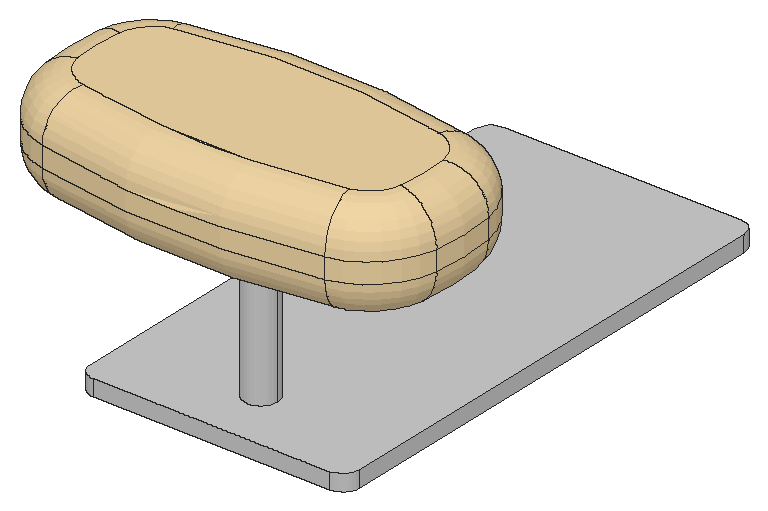
Revit family "Magnuson-Sherwood-CoatHooksMagnetic+", category Furniture, host Face, Revit 2020
Family settings
  Host = Face
  Cut with Voids When Loaded = No
  Shared = No
  Room Calculation Point = No
Parameters (values of type "SW-MA")
  URL = "www.magnusongroup.com"
  Type Comments = "Magnetic Coat Hook"  # constant formula
  Revit Model Built By = "https://servex-us.com/servex-revit/"
  Product Documentation Link = "https://magnusongroup.com/products/coathooksmagnetic/sherwood.html"
  Plate Finish = MAG - Textured painted steel
  Salvage or Reuse = yes
  Percentage of Recycled Content = 0
  Model = "SW-MA"
  Manufacturer = "Magnuson Group"  # constant formula
  Low Emitting Material = yes
  Low Emitting Finish = yes
  Keynote = "12500"
  Hook Finish = MAG - Wood Oak
  Description = "Magnetic coat hook with wood knob."
  Default Elevation = 48"
  Assembly Code = "E2020200"
Reference planes (in)
  plane 1 "Center (Front/Back)": y = 0
  plane 2: z = 0
  plane 3 "Center (Left/Right)": x = 0
Forms (in)
  Extrusion 1, solid, material "MAG - Textured painted steel" <- "Plate Finish"
    sketch origin (0, 0, 0) x (1, 0, 0) y (0, 1, 0)
      loop
        line (-1.29921, 4.21259) -> (-1.29921, -0.43307)
        arc (-1.29921, -0.43307) -> (-1.25309, -0.54443) -> (-1.14173, -0.59055) r 0.15748
        line (-1.14173, -0.59055) -> (1.14173, -0.59055)
        arc (1.14173, -0.59055) -> (1.25309, -0.54443) -> (1.29921, -0.43307) r 0.15748
        line (1.29921, -0.43307) -> (1.29921, 4.21259)
        arc (1.29921, 4.21259) -> (1.25309, 4.32394) -> (1.14173, 4.37006) r 0.15748
        line (1.14173, 4.37006) -> (-1.14173, 4.37006)
        arc (-1.14173, 4.37006) -> (-1.25309, 4.32394) -> (-1.29921, 4.21259) r 0.15748
    from 0 to 0.15625
Dimensions and locks (in)
  nested 1 to plane 3 "Center (Left/Right)" = 0"
  aligned and locked: plane 2 to host face
  aligned and locked: level to host face
  aligned and locked: plane 3 "Center (Left/Right)" to nested 1
  aligned and locked: plane 1 "Center (Front/Back)" to nested 1
  aligned and locked: Extrusion 1 to nested 1
Nested families (in)
  nested 1: "She-H" at (0, 0, 0), type "She-H 3"
Definition of nested family "She-H"
  Parameters (values of type "She-H")
    Revit Model Built By = "https://servex-us.com/servex-revit/"
    Hook Finish = none
    Hardware Finish = none
    Default Elevation = 0"
  Reference planes (in)
    plane 1 "Center (Front/Back)": y = 0
    plane 2: z = 0
    plane 3 "Center (Left/Right)": x = 0
  Forms (in)
    Extrusion 1, solid, material <- "Hardware Finish"
      sketch origin (0, 0, 0) x (1, 0, 0) y (0, 1, 0)
        loop
          circle (0, 0) r 0.16126
      from 0.15625 to 2.20472
    Sweep 2, solid, material <- "Hook Finish"
      path origin (0, 0, 0) x (1, 0, 0) y (0, 1, 0)
        loop
          arc (-1.3679, 0.93165) -> (-1.75558, 0.71337) -> (-1.95139, 0.31387) r 0.75
          arc (-1.95139, 0.31387) -> (-1.97548, -0.00189) -> (-1.94992, -0.31753) r 2.02006
          arc (-1.94992, -0.31753) -> (-1.7534, -0.71489) -> (-1.36685, -0.93188) r 0.75
          arc (-1.36685, -0.93188) -> (0, -1.07696) -> (1.36685, -0.93188) r 6.51142
          arc (1.36685, -0.93188) -> (1.7534, -0.71489) -> (1.94992, -0.31753) r 0.75
          arc (1.94992, -0.31753) -> (1.97548, -0.00189) -> (1.95139, 0.31387) r 2.02006
          arc (1.95139, 0.31387) -> (1.75558, 0.71337) -> (1.3679, 0.93165) r 0.75
          arc (1.3679, 0.93165) -> (0, 1.07696) -> (-1.3679, 0.93165) r 6.51142
      profile origin (0, 1.07696, 0) x (0, 1, 0) y (0, 0, 1)
        loop
          line (-0.39422, 2.63779) -> (-0.39422, 1.65354)
          arc (-0.39422, 1.65354) -> (-0.1149, 1.76834) -> (0.00092, 2.04724) r 0.3937
          line (0.00092, 2.04724) -> (0.00092, 2.24409)
          arc (0.00092, 2.24409) -> (-0.1149, 2.52299) -> (-0.39422, 2.63779) r 0.3937
    Extrusion 3, solid, material <- "Hook Finish"
      sketch origin (0, 0, 0) x (1, 0, 0) y (0, 1, 0)
        loop
          arc (-1.28508, 0.54623) -> (-1.46898, 0.44268) -> (-1.56187, 0.25317) r 0.35578
          arc (-1.56187, 0.25317) -> (-1.58125, -0.00097) -> (-1.56068, -0.25501) r 1.62584
          arc (-1.56068, -0.25501) -> (-1.46746, -0.44351) -> (-1.28409, -0.54644) r 0.35578
          arc (-1.28409, -0.54644) -> (0, -0.68273) -> (1.28409, -0.54644) r 6.1172
          arc (1.28409, -0.54644) -> (1.46746, -0.44351) -> (1.56068, -0.25501) r 0.35578
          arc (1.56068, -0.25501) -> (1.58125, -0.00097) -> (1.56187, 0.25317) r 1.62584
          arc (1.56187, 0.25317) -> (1.46898, 0.44268) -> (1.28508, 0.54623) r 0.35578
          arc (1.28508, 0.54623) -> (0, 0.68273) -> (-1.28508, 0.54623) r 6.1172
      from 1.65354 to 2.63779
  Cuts and joins
    joined: Sweep 2, Extrusion 3
  Dimensions and locks (in)
    aligned and locked: plane 2 to level
